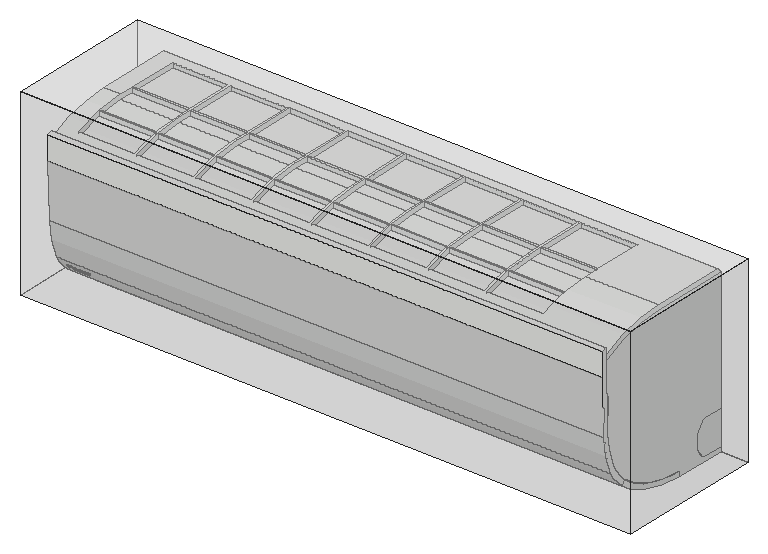
Revit family "outputfile", category 機械設備, Revit 2024
Family settings
  丸型コネクタ寸法 = 半径を使用
  パーツ タイプ = 標準
  OmniClass 番号 = 23.75.10.24.21.27.27
  OmniClass タイトル = Split System Air Conditioning Units
  作業面ベース = いいえ
  常に垂直 = はい
  ロード時にボイドで切り取り = いいえ
  注釈の向きを維持 = いいえ
  共有 = いいえ
  部屋計算ポイント = いいえ
Parameters (values of type "CTKM71VVMG")
  Description = ""
  書き出し IFC クラス(タイプ) = "IfcUnitaryEquipmentType"
  定義済み IFC タイプ(タイプ) = "AIRCONDITIONINGUNIT"
  Cost = 0
  Type Comments = ""
  Keynote = ""
  Type Image = (empty or 0)
  Assembly Code = ""
  w_wall hole = if(Width = 770.0 mm, 48.0 mm, 60.0 mm)  # 60.0 mm
  製造元 = "Daikin"
  モデル = "CTKM71VVMG"
  switch_frequency = yes
  r_Liquid Pipe Size = Liquid Pipe Size / 2  # 3.2 mm
  r_Gas Pipe Size = Gas Pipe Size / 2  # 7.95 mm
  r_Drain Pipe Size = Drain Pipe Size / 2  # 8.0 mm
  lw_powersupply [instance] = if(Width = 770.0 mm, if(or(Rear Right Connection_refrigerant, Bottom Right Connection_refrigerant), 25.0 mm, if(or(Rear Left Connection_refrigerant, Bottom Left Connection_refrigerant), 745.0 mm, 400.0 mm)), if(Width = 990.0 mm, if(or(Rear Right Connection_refrigerant, Bottom Right Connection_refrigerant), 40.0 mm, if(or(Rear Left Connection_refrigerant, Bottom Left Connection_refrigerant), 920.0 mm, 400.0 mm)), if(or(Rear Right Connection_refrigerant, Bottom Right Connection_refrigerant), 40.0 mm, if(or(Rear Left Connection_refrigerant, Bottom Left Connection_refrigerant), 920.0 mm, 400.0 mm))))  # 400.0 mm
  lw_liquidpipe [instance] = if(Width = 770.0 mm, if(or(Rear Right Connection_refrigerant, Bottom Right Connection_refrigerant), 0.0 mm, if(or(Rear Left Connection_refrigerant, Bottom Left Connection_refrigerant), 664.0 mm, 385.0 mm)), if(Width = 990.0 mm, if(or(Rear Right Connection_refrigerant, Bottom Right Connection_refrigerant), 0.0 mm, if(or(Rear Left Connection_refrigerant, Bottom Left Connection_refrigerant), 664.0 mm + (990.0 mm - 770.0 mm), 475.0 mm)), if(or(Rear Right Connection_refrigerant, Bottom Right Connection_refrigerant), 0.0 mm, if(or(Rear Left Connection_refrigerant, Bottom Left Connection_refrigerant), 664.0 mm + (990.0 mm - 770.0 mm), 475.0 mm))))  # 475.0 mm
  lw_gaspipe [instance] = if(Width = 770.0 mm, if(or(Rear Right Connection_refrigerant, Bottom Right Connection_refrigerant), 0.0 mm, if(or(Rear Left Connection_refrigerant, Bottom Left Connection_refrigerant), 675.0 mm, if(Gas Pipe Size = 12.7 mm, 345.0 mm, 335.0 mm))), if(Width = 990.0 mm, if(or(Rear Right Connection_refrigerant, Bottom Right Connection_refrigerant), 10.0 mm, if(or(Rear Left Connection_refrigerant, Bottom Left Connection_refrigerant), 890.0 mm, if(Gas Pipe Size = 15.9 mm, 410.0 mm, 400.0 mm))), if(or(Rear Right Connection_refrigerant, Bottom Right Connection_refrigerant), 10.0 mm, if(or(Rear Left Connection_refrigerant, Bottom Left Connection_refrigerant), 890.0 mm, if(Gas Pipe Size = 15.9 mm, 410.0 mm, 400.0 mm)))))  # 410.0 mm
  lw_drainpipe [instance] = if(Width = 770.0 mm, if(or(Rear Right Connection_refrigerant, Bottom Right Connection_refrigerant), 0.0 mm, if(or(Rear Left Connection_refrigerant, Bottom Left Connection_refrigerant), 770.0 mm - 48.0 mm - 48.0 mm, 440.0 mm)), if(Width = 990.0 mm, if(or(Rear Right Connection_refrigerant, Bottom Right Connection_refrigerant), 0.0 mm, if(or(Rear Left Connection_refrigerant, Bottom Left Connection_refrigerant), 675.0 mm + (990.0 mm - 770.0 mm), 435.0 mm)), if(or(Rear Right Connection_refrigerant, Bottom Right Connection_refrigerant), 0.0 mm, if(or(Rear Left Connection_refrigerant, Bottom Left Connection_refrigerant), 675.0 mm + (990.0 mm - 770.0 mm), 435.0 mm))))  # 435.0 mm
  l_powersupply_length [instance] = if(Width = 770.0 mm, if(Right Connection_refrigerant, 400.0 mm, if(Left Connection_refrigerant, 770.0 mm - 400.0 mm, if(or(Rear Left Connection_refrigerant, Rear Right Connection_refrigerant), 15.0 mm, 50.0 mm))), if(Width = 990.0 mm, if(Right Connection_refrigerant, 400.0 mm, if(Left Connection_refrigerant, 990.0 mm - 400.0 mm, if(or(Rear Left Connection_refrigerant, Rear Right Connection_refrigerant), 15.0 mm, 50.0 mm))), if(Right Connection_refrigerant, 400.0 mm, if(Left Connection_refrigerant, 990.0 mm - 400.0 mm, if(or(Rear Left Connection_refrigerant, Rear Right Connection_refrigerant), 15.0 mm, 50.0 mm)))))  # 400.0 mm
  l_liquidpipe_length [instance] = if(Width = 770.0 mm, if(Right Connection_refrigerant, 433.0 mm, if(Left Connection_refrigerant, 337.0 mm, if(or(Rear Left Connection_refrigerant, Rear Right Connection_refrigerant), 30.0 mm, 40.0 mm))), if(Width = 990.0 mm, if(Right Connection_refrigerant, 535.0 mm, if(Left Connection_refrigerant, 455.0 mm, if(or(Rear Left Connection_refrigerant, Rear Right Connection_refrigerant), 30.0 mm, 40.0 mm))), if(Right Connection_refrigerant, 535.0 mm, if(Left Connection_refrigerant, 455.0 mm, if(or(Rear Left Connection_refrigerant, Rear Right Connection_refrigerant), 30.0 mm, 40.0 mm)))))  # 535.0 mm
  l_gaspipe_length [instance] = if(Width = 770.0 mm, if(Right Connection_refrigerant, if(Gas Pipe Size = 12.7 mm, 393.0 mm, 383.0 mm), if(Left Connection_refrigerant, if(Gas Pipe Size = 12.7 mm, 770.0 mm - 393.0 mm, 770.0 mm - 383.0 mm), if(or(Rear Left Connection_refrigerant, Rear Right Connection_refrigerant), 40.0 mm, 50.0 mm))), if(Width = 990.0 mm, if(Right Connection_refrigerant, if(Gas Pipe Size = 15.9 mm, 470.0 mm, 460.0 mm), if(Left Connection_refrigerant, if(Gas Pipe Size = 15.9 mm, 990.0 mm - 470.0 mm, 990.0 mm - 460.0 mm), if(or(Rear Left Connection_refrigerant, Rear Right Connection_refrigerant), 40.0 mm, 50.0 mm))), if(Right Connection_refrigerant, if(Gas Pipe Size = 15.9 mm, 470.0 mm, 460.0 mm), if(Left Connection_refrigerant, if(Gas Pipe Size = 15.9 mm, 990.0 mm - 470.0 mm, 990.0 mm - 460.0 mm), if(or(Rear Left Connection_refrigerant, Rear Right Connection_refrigerant), 40.0 mm, 50.0 mm)))))  # 470.0 mm
  l_drainpipe_length [instance] = if(Width = 770.0 mm, if(Right Connection_refrigerant, 488.0 mm, if(Left Connection_refrigerant, 282.0 mm, if(or(Rear Left Connection_refrigerant, Rear Right Connection_refrigerant), 15.0 mm, 20.0 mm))), if(Width = 990.0 mm, if(Right Connection_refrigerant, 495.0 mm, if(Left Connection_refrigerant, 495.0 mm, if(or(Rear Left Connection_refrigerant, Rear Right Connection_refrigerant), 15.0 mm, 20.0 mm))), if(Right Connection_refrigerant, 495.0 mm, if(Left Connection_refrigerant, 495.0 mm, if(or(Rear Left Connection_refrigerant, Rear Right Connection_refrigerant), 15.0 mm, 20.0 mm)))))  # 495.0 mm
  h*** = 0.0 mm  # constant formula
  connector_voltage = Voltage_50Hz  # 230 V
  connector_powerinput = [Power Input (Cooling)]  # 0.000 kW
  connector_phase = Phase_50Hz  # 1
  angle_vertical [instance] = if(or(Bottom Left Connection_refrigerant, Bottom Right Connection_refrigerant), 0.00°, 90.00°)  # 90.00°
  angle_horizontal [instance] = if(Right Connection_refrigerant, 90.00°, if(Left Connection_refrigerant, -90.00°, if(or(Rear Left Connection_refrigerant, Rear Right Connection_refrigerant), 180.00°, 0.00°)))  # 90.00°
  Width = 990.0 mm
  Voltage_comment_50Hz = "220 - 240"
  Voltage_50Hz = 230 V
  Version = "ver.1.0"
  Unit Type = "Wall Mounted"
  Unit Mass Weight = 13.00 kg
  Unit Designation [instance] = ""
  Uniclass2015Version = "Products v1.30"
  Uniclass2015Title = "Split coil room air conditioning units"
  Uniclass2015Code = "Pr_70_65_03_86"
  URL = ""
  Total Cooling Capacity [instance] = 0.000 kW
  Sound Pressure Level_M speed (dBA) = 45
  Sound Pressure Level_L speed (dBA) = 37
  Sound Pressure Level_H speed (dBA) = 49
  Sound Power Level_H speed (dB) = 0
  Series = "Multi Split_Fan Coil Unit"
  Sensible Cooling Capacity [instance] = 0.000 kW
  Refrigerant Type = "R32"
  Power Input (Cooling) = 0.000 kW
  Phase_50Hz = 1
  Option Accessory 3 [instance] = ""
  Option Accessory 2 [instance] = ""
  Option Accessory 1 [instance] = ""
  Nominal Cooling Capacity = 7.100 kW
  Minimum Circuit Amps_50Hz = 0.0 A
  Minimum Airflow = 822.00 m³/h
  Median Airflow = 1020.00 m³/h
  Maximum Fuse Amps_50Hz = 0.0 A
  Maximum Airflow = 1210.00 m³/h
  Material_Casing = DAIKIN_White_Casing_indoorunit
  Load Classification = HVAC
  Liquid Pipe Size = 6.4 mm
  Link_Nested Family [instance] = ""
  IfcVersion = ""
  IfcExportType = "AIRCONDITIONINGUNIT"
  IfcExportAs = "IfcUnitaryEquipmentType"
  Height = 295.0 mm
  Heat Exchanger Type = "Cross Fin Coil"
  Gas Pipe Size = 15.9 mm
  Frequency_50Hz = 50 Hz
  Fan Type = "Cross Flow Fan"
  Fan Drive = "Direct Drive"
  FCU Tag No. [instance] = ""
  Drain Pipe Size = 16.0 mm
  Design Supply Airflow [instance] = 0.00 m³/h
  Depth = 263.0 mm
  既定の高さ = 0.0 mm
  Cooling Entering Wet Bulb Temperature [instance] = 0.00 °C
  Cooling Entering Dry Bulb Temperature [instance] = 0.00 °C
  Cooling Ambient Wet Bulb Temperature [instance] = 0.00 °C
  Cooling Ambient Dry Bulb Temperature [instance] = 0.00 °C
  Clearance visibility [instance] = yes
  Clearance Top = 30.0 mm
  Clearance Right = 50.0 mm
  Clearance Rear = 0.0 mm
  Clearance Left = 50.0 mm
  Clearance Front = 0.0 mm
  Clearance Bottom = 0.0 mm
  Bottom Right Connection_refrigerant [instance] = no
  Bottom Left Connection_refrigerant [instance] = no
  Rear Right Connection_refrigerant [instance] = no
  Rear Left Connection_refrigerant [instance] = no
  Right Connection_refrigerant [instance] = yes
  Left Connection_refrigerant [instance] = no
Reference planes
  plane 1 "Back": y = 0
  plane 2: z = 0
  plane 3 "Center (Left/Right)": x = 0
  plane 4 "Center (Front/Back)": y = -131.5
  plane 5 "Front": y = -263
  plane 6 "Left": x = -495
  plane 7 "Right": x = 495
  plane 8 "Top": z = 0
  plane 9 "Bottom": z = -295
  plane 10: x = -545
  plane 11: x = 545
  plane 12: y = 0
  plane 13: y = -263
  plane 14: z = 30
  plane 15: z = -295
  plane 16 "lw_Piping and Wiring intake": x = 435
  plane 17 "lw_gaspipe": x = 25
  plane 18 "lw_liquidpipe": x = -40
  plane 19 "lw_drainpipe": x = 0
  plane 20 "lh_drainpipe": z = -275
  plane 21 "lh_liquidpipe": z = -255
  plane 22 "lh_gaspipe": z = -245
  plane 23 "ld_drainpipe": y = -15
  plane 24 "ld_liquidpipe": y = -30
  plane 25 "ld_gaspipe": y = -40
  plane 26 "lw_powersupply": x = 95
Dimensions and locks
  equal spacing: plane 6 "Left", plane 3 "Center (Left/Right)", plane 7 "Right"
  "Width": plane 6 "Left" to plane 7 "Right"
  equal spacing: plane 5 "Front", plane 4 "Center (Front/Back)", plane 1 "Back"
  "Depth": plane 5 "Front" to plane 1 "Back"
  "Height": plane 8 "Top" to plane 9 "Bottom"
  "Clearance Rear": plane 12 to plane 1 "Back"
  "Clearance Front": plane 13 to plane 5 "Front"
  "Clearance Top": plane 14 to plane 8 "Top"
  "Clearance Bottom": plane 9 "Bottom" to plane 15
  "w_wall hole": plane 16 "lw_Piping and Wiring intake" to plane 7 "Right"
  "lw_gaspipe": plane 17 "lw_gaspipe" to plane 16 "lw_Piping and Wiring intake"
  "lw_liquidpipe": plane 18 "lw_liquidpipe" to plane 16 "lw_Piping and Wiring intake"
  "lw_drainpipe": plane 19 "lw_drainpipe" to plane 16 "lw_Piping and Wiring intake"
  locked: plane 20 "lh_drainpipe" to plane 9 "Bottom" at 20
  locked: plane 21 "lh_liquidpipe" to plane 9 "Bottom" at 40
  locked: plane 22 "lh_gaspipe" to plane 9 "Bottom" at 50
  locked: plane 23 "ld_drainpipe" to plane 1 "Back" at 15
  locked: plane 1 "Back" to plane 24 "ld_liquidpipe" at 30
  locked: plane 1 "Back" to plane 25 "ld_gaspipe" at 40
  "lw_powersupply": plane 26 "lw_powersupply" to plane 7 "Right"
  "Clearance Left": plane 10 to plane 6 "Left"
  "Clearance Right": plane 7 "Right" to plane 11
  aligned and locked: level to plane 2
  aligned and locked: plane 12 to nested 1
  aligned and locked: nested 1 to plane 13
  aligned and locked: plane 10 to nested 1
  aligned and locked: plane 11 to nested 1
  aligned and locked: plane 15 to nested 1
  aligned and locked: plane 14 to nested 1
  aligned and locked: plane 17 "lw_gaspipe" to nested 2
  aligned and locked: nested 2 to plane 25 "ld_gaspipe"
  aligned and locked: plane 18 "lw_liquidpipe" to nested 3
  aligned and locked: nested 3 to plane 24 "ld_liquidpipe"
  aligned and locked: plane 19 "lw_drainpipe" to nested 4
  aligned and locked: nested 4 to plane 23 "ld_drainpipe"
  aligned and locked: nested 5 to plane 23 "ld_drainpipe"
  aligned and locked: plane 26 "lw_powersupply" to nested 5
  aligned and locked: level to plane 8 "Top"
  aligned and locked: plane 3 "Center (Left/Right)" to nested 6
  aligned and locked: plane 1 "Back" to nested 6
  aligned and locked: plane 8 "Top" to nested 6
Nested families
  nested 1: "daikin_clearancespace" at (0, -131.5, -132.381), show <- "Clearance visibility", visible <- "Clearance visibility", Link_Nested Family <- "Link_Nested Family", type "daikin_clearancespace"
    with width 1090.0 mm, show yes, height 325.0 mm, depth 263.0 mm, Link_Nested Family ""
  nested 2: "daikin_connector_rotate3" at (25, -40, -245), angle_vertical <- "angle_vertical", angle_horizontal <- "angle_horizontal", length <- "l_gaspipe_length", radius <- "r_Gas Pipe Size", type "daikin_connector_rotate3"
    with show no, radius 7.95 mm, length 470.0 mm, angle_vertical 90.00°, angle_horizontal 90.00°
  nested 3: "daikin_connector_rotate3" at (-40, -30, -255), angle_vertical <- "angle_vertical", angle_horizontal <- "angle_horizontal", radius <- "r_Liquid Pipe Size", length <- "l_liquidpipe_length", type "daikin_connector_rotate3"
    with show no, radius 3.2 mm, length 535.0 mm, angle_vertical 90.00°, angle_horizontal 90.00°
  nested 4: "daikin_connector_rotate3" at (0, -15, -275), angle_vertical <- "angle_vertical", angle_horizontal <- "angle_horizontal", length <- "l_drainpipe_length", radius <- "r_Drain Pipe Size", type "daikin_connector_rotate3"
    with show no, radius 8.0 mm, length 495.0 mm, angle_vertical 90.00°, angle_horizontal 90.00°
  nested 5: "daikin_connector_rotate3" at (95, -15, -245), angle_vertical <- "angle_vertical", angle_horizontal <- "angle_horizontal", length <- "l_powersupply_length", type "daikin_connector_rotate3"
    with show no, radius 10.0 mm, length 400.0 mm, angle_vertical 90.00°, angle_horizontal 90.00°
  nested 6: "DAIKIN_indoorunit_CTKM-VVMG" at (-31, 0, 0), type "CTKM-VVMG"
    with switch_unit1_60-71 yes, switch_unit1_25-50 no, Width 990.0 mm, WALL HOLE-R 60.0 mm, WALL HOLE Size 80.0 mm, Height 295.0 mm
Connectors
  piping at (495, -40, -245), diameter 15.9, driven by "r_Gas Pipe Size"
    settings: on nested 2, index 1, connector inside diameter 609.6 mm, connector length 0.0 mm, flow factor 0, pipe flow 0.00 m³/h, pressure drop 0.0 Pa, fitting loss kfactor 0, connector angle 0.00°, fixture units 0, engagement length 0.0 mm, angle of deflection 0.00°, flow configuration 1, flow direction 2, fitting loss method 0, system type 29, joint type 0, gender type 0, connector reference index -1, connector utility 0, adjustable connector no, is connector primary yes, connector description "Refrigerant Gas Piping"
  piping at (495, -30, -255), diameter 6.4, driven by "r_Liquid Pipe Size"
    settings: on nested 3, index 2, connector inside diameter 609.6 mm, connector length 0.0 mm, flow factor 0, pipe flow 0.00 m³/h, pressure drop 0.0 Pa, fitting loss kfactor 0, connector angle 0.00°, fixture units 0, engagement length 0.0 mm, angle of deflection 0.00°, flow configuration 1, flow direction 1, fitting loss method 0, system type 29, joint type 0, gender type 0, connector reference index -1, connector utility 0, adjustable connector no, is connector primary no, connector description "Refrigerant Liquid Piping"
  piping at (495, -15, -275), diameter 16, driven by "r_Drain Pipe Size"
    settings: on nested 4, index 3, connector inside diameter 609.6 mm, connector length 0.0 mm, flow factor 0, pipe flow 0.00 m³/h, pressure drop 0.0 Pa, fitting loss kfactor 0, connector angle 0.00°, fixture units 0, engagement length 0.0 mm, angle of deflection 0.00°, flow configuration 1, flow direction 2, fitting loss method 4, system type 16, joint type 0, gender type 0, connector reference index -1, connector utility 0, adjustable connector no, is connector primary no, connector description "Condensate Drain Piping"
  electrical at (495, -15, -245), driven by "Load Classification", driven by "connector_powerinput", driven by "connector_phase", driven by "connector_voltage"
    settings: on nested 5, index 4, voltage 230 V, apparent load 0 VA, apparent load phase1 0 VA, apparent load phase2 0 VA, apparent load phase3 0 VA, power factor 1, load classification "HVAC", number of poles 1, system type 30, power factor state 1, is connector primary yes, connector utility no, sub classification motor no, connector description "Power Supply"
Definition of nested family "daikin_clearancespace"
  Parameters (values of type "daikin_clearancespace")
    Description = "daikin_clearancespace"
    width [instance] = 1823.963 mm
    show [instance] = yes
    material = none
    height [instance] = 1359.762 mm
    depth [instance] = 880.0 mm
    Default Elevation = 0.0 mm
    Link_Nested Family [instance] = ""
  Reference planes
    plane 1 "Center (Front/Back)": y = 0
    plane 2 "Center (Elevation)": z = -0.119
    plane 3 "Center (Left/Right)": x = 0
    plane 4: y = 440
    plane 5: y = -440
    plane 6 "Right": x = 911.982
    plane 7 "Left": x = -911.982
    plane 8 "Top": z = 679.762
    plane 9 "Bottom": z = -680
  Forms (mm)
    Extrusion 1, solid, material <- "material", visible <- "show"
      sketch origin (0, 0, 0) x (1, 0, 0) y (0, 1, 0)
        loop
          line (-911.982, 440) -> (-911.982, -440) -> (911.982, -440) -> (911.982, 440) -> (-911.982, 440)
      from -680 to 679.762
  Lines and regions (mm)
    symbolic lines, visible <- "show"
      curve 1: line (911.982, 440, 0) -> (-911.982, 440, 0)
      curve 2: line (-911.982, 440, 0) -> (-911.982, -440, 0)
      curve 3: line (-911.982, -440, 0) -> (911.982, -440, 0)
      curve 4: line (911.982, -440, 0) -> (911.982, 440, 0)
      curve 5: line (911.982, 0, 679.762) -> (-911.982, 0, 679.762)
      curve 6: line (911.982, 0, -680) -> (911.982, 0, 679.762)
      curve 7: line (-911.982, 0, -680) -> (911.982, 0, -680)
      curve 8: line (-911.982, 0, 679.762) -> (-911.982, 0, -680)
      curve 9: line (0, 440, 679.762) -> (0, -440, 679.762)
      curve 10: line (0, -440, 679.762) -> (0, -440, -680)
      curve 11: line (0, 440, -680) -> (0, 440, 679.762)
      curve 12: line (0, -440, -680) -> (0, 440, -680)
  Dimensions and locks
    "width": plane 7 "Left" to plane 6 "Right"
    "depth": plane 4 to plane 5
    "height": plane 8 "Top" to plane 9 "Bottom"
    equal spacing: plane 7 "Left", plane 3 "Center (Left/Right)", plane 6 "Right"
    equal spacing: plane 4, plane 1 "Center (Front/Back)", plane 5
    equal spacing: plane 8 "Top", plane 2 "Center (Elevation)", plane 9 "Bottom"
    aligned and locked: level to plane 2 "Center (Elevation)"
    aligned and locked: Extrusion 1 sketch curve to plane 4
    aligned and locked: plane 7 "Left" to Extrusion 1 sketch curve
    aligned and locked: Extrusion 1 sketch curve to plane 5
    aligned and locked: Extrusion 1 sketch curve to plane 6 "Right"
    aligned and locked: plane 8 "Top" to Extrusion 1
    aligned and locked: curve 1 to Extrusion 1
    aligned and locked: curve 2 to Extrusion 1
    aligned and locked: curve 3 to Extrusion 1
    aligned and locked: curve 4 to Extrusion 1
    aligned and locked: curve 5 to Extrusion 1
    aligned and locked: curve 6 to Extrusion 1
    aligned and locked: curve 7 to Extrusion 1
    aligned and locked: curve 8 to Extrusion 1
    aligned and locked: curve 9 to Extrusion 1
    aligned and locked: curve 10 to Extrusion 1
    aligned and locked: curve 11 to Extrusion 1
    aligned and locked: curve 12 to Extrusion 1
    aligned and locked: Extrusion 1 to plane 9 "Bottom"
Definition of nested family "DAIKIN_indoorunit_CTKM-VVMG"
  Parameters (values of type "CTKM-VVMG")
    switch_unit1_60-71 = Width = 990.0 mm  # no
    switch_unit1_25-50 = Width = 770.0 mm  # yes
    Width = 770.0 mm
    WALL HOLE-R = if(Width = 770.0 mm, 48.0 mm, 60.0 mm)  # 48.0 mm
    WALL HOLE Size = if(Width = 770.0 mm, 65.0 mm, 80.0 mm)  # 65.0 mm
    Material_Casing = none
    Height = if(Width = 770.0 mm, 285.0 mm, 295.0 mm)  # 285.0 mm
    Default Elevation = 0.0 mm
  Reference planes
    plane 1 "Center (Front/Back)": y = 0
    plane 2 "reference_level": z = 0
    plane 3 "Center (Left/Right)": x = 31
    plane 4: x = -354
    plane 5: x = 416
    plane 6: z = -285
  Forms (mm)
    Extrusion 1, solid, material <- "Material_Casing", visible <- "switch_unit1_25-50"
      sketch origin (29, 0, 0) x (0, 1, 0) y (0, 0, 1)
        loop
          line (-5, 0) -> (-98, 0)
          arc (-98, 0) -> (-157.611, -7.211) -> (-213.783, -28.427) r 250
          arc (-213.783, -28.427) -> (-213.842, -32.972) -> (-213.892, -37.516) r 2191
          arc (-213.892, -37.516) -> (-157.832, -15.495) -> (-98.07, -8) r 242
          line (-98.07, -8) -> (0, -8) -> (-5, 0)
      from -383 to 387
    Extrusion 2, solid, material <- "Material_Casing", visible <- "switch_unit1_25-50"
      sketch origin (416, 1296.25, 1200) x (0, 1, 0) y (0, 0, 1)
        loop
          line (-1472.998, -1446.91) -> (-1476.998, -1453.839)
          arc (-1476.998, -1453.839) -> (-1437.481, -1472.422) -> (-1395.25, -1483.538) r 240
          line (-1395.25, -1483.538) -> (-1395.25, -1475.422)
          arc (-1395.25, -1475.422) -> (-1435.407, -1464.663) -> (-1472.998, -1446.91) r 232
      from 0 to -47.5
    Extrusion 3, solid, material <- "Material_Casing", visible <- "switch_unit1_25-50"
      sketch origin (29, 0, 0) x (0, 1, 0) y (0, 0, 1)
        loop
          arc (-223, -60.455) -> (-222.414, -110.646) -> (-220.656, -160.81) r 2149.92
          arc (-220.656, -160.81) -> (-219.65, -174.299) -> (-217.853, -187.706) r 229.911
          arc (-217.853, -187.706) -> (-205.371, -223.594) -> (-181.517, -253.17) r 111
          line (-181.517, -253.17) -> (-177.429, -246.093)
          arc (-177.429, -246.093) -> (-198.77, -218.989) -> (-209.965, -186.36) r 103
          arc (-209.965, -186.36) -> (-211.681, -173.586) -> (-212.651, -160.735) r 221.844
          arc (-212.651, -160.735) -> (-214.739, -93.233) -> (-214.74, -25.699) r 2186.828
          arc (-214.74, -25.699) -> (-214.671, -21.467) -> (-214.594, -17.235) r 2192
          line (-214.594, -17.235) -> (-223, -19.961) -> (-223, -60.455)
      from -383 to 387
    Extrusion 4, solid, material <- "Material_Casing", visible <- "switch_unit1_25-50"
      sketch origin (29, 0, -20) x (0, 1, 0) y (0, 0, 1)
        loop
          line (0, -265) -> (0, 12) -> (-98.07, 12)
          arc (-98.07, 12) -> (-157.832, 4.505) -> (-213.892, -17.516) r 242
          arc (-213.892, -17.516) -> (-213.638, -79.114) -> (-211.653, -140.681) r 2191
          arc (-211.653, -140.681) -> (-210.685, -153.501) -> (-208.973, -166.243) r 221
          arc (-208.973, -166.243) -> (-197.471, -199.282) -> (-175.482, -226.491) r 102
          arc (-175.482, -226.491) -> (-138.004, -244.019) -> (-98, -254.579) r 231
          line (-98, -254.579) -> (-98, -265) -> (0, -265)
      from -383 to 387
    Extrusion 5, solid, material <- "Material_Casing", visible <- "switch_unit1_25-50"
      sketch origin (-354, 1296.25, 1200) x (0, 1, 0) y (0, 0, 1)
        loop
          line (-1472.998, -1446.91) -> (-1476.998, -1453.839)
          arc (-1476.998, -1453.839) -> (-1437.481, -1472.422) -> (-1395.25, -1483.538) r 240
          line (-1395.25, -1483.538) -> (-1395.25, -1475.422)
          arc (-1395.25, -1475.422) -> (-1435.407, -1464.663) -> (-1472.998, -1446.91) r 232
      from 47 to 0
    Extrusion 6, solid, material <- "Material_Casing", visible <- "switch_unit1_25-50"
      sketch origin (416, 1296.25, 1200) x (0, 1, 0) y (0, 0, 1)
        loop
          line (-1472.998, -1446.91) -> (-1476.998, -1453.839)
          arc (-1476.998, -1453.839) -> (-1443.437, -1470.168) -> (-1407.75, -1481.097) r 240
          line (-1407.75, -1481.097) -> (-1407.75, -1472.894)
          arc (-1407.75, -1472.894) -> (-1441.363, -1462.385) -> (-1472.998, -1446.91) r 232
      from -116.993 to -48.493
    Extrusion 7, solid, material <- "Material_Casing", visible <- "switch_unit1_25-50"
      sketch origin (416, 1296.25, 1200) x (0, 1, 0) y (0, 0, 1)
        loop
          line (-1472.998, -1446.91) -> (-1476.998, -1453.839)
          arc (-1476.998, -1453.839) -> (-1443.437, -1470.168) -> (-1407.75, -1481.097) r 240
          line (-1407.75, -1481.097) -> (-1407.75, -1472.894)
          arc (-1407.75, -1472.894) -> (-1441.363, -1462.385) -> (-1472.998, -1446.91) r 232
      from -717 to -121.993
    Extrusion 8, void
      sketch origin (31, 0, -235) x (1, 0, 0) y (0, 1, 0)
        loop
          line (-252.674, -22.316) -> (-354.941, -22.316) -> (-354.941, -91.341) -> (-252.674, -91.341) -> (-252.674, -22.316)
        loop
          line (-249.341, -91.341) -> (-151.574, -91.341) -> (-151.574, -22.316) -> (-249.341, -22.316) -> (-249.341, -91.341)
        loop
          line (58.309, -22.316) -> (-148.309, -22.316) -> (-148.309, -91.341) -> (58.309, -91.341) -> (58.309, -22.316)
        loop
          line (61.689, -22.316) -> (61.689, -91.341) -> (159.457, -91.341) -> (159.457, -22.316) -> (61.689, -22.316)
        loop
          line (162.789, -22.316) -> (162.789, -91.341) -> (265.057, -91.341) -> (265.057, -22.316) -> (162.789, -22.316)
        loop
          line (-354.941, -94.659) -> (-354.941, -165.259) -> (-252.674, -165.259) -> (-252.674, -94.659) -> (-354.941, -94.659)
        loop
          line (-249.341, -94.659) -> (-249.341, -165.259) -> (-151.574, -165.259) -> (-151.574, -94.659) -> (-249.341, -94.659)
        loop
          line (-148.309, -94.659) -> (-148.309, -165.259) -> (58.309, -165.259) -> (58.309, -94.659) -> (-148.309, -94.659)
        loop
          line (61.689, -94.659) -> (61.689, -165.259) -> (159.457, -165.259) -> (159.457, -94.659) -> (61.689, -94.659)
        loop
          line (162.789, -94.659) -> (162.789, -165.259) -> (265.057, -165.259) -> (265.057, -94.659) -> (162.789, -94.659)
        loop
          line (-354.941, -167.382) -> (-354.941, -192.681) -> (-252.674, -192.681) -> (-252.674, -167.382) -> (-354.941, -167.382)
        loop
          line (-249.341, -167.382) -> (-249.341, -192.681) -> (-151.574, -192.681) -> (-151.574, -167.382) -> (-249.341, -167.382)
        loop
          line (-148.309, -167.382) -> (-148.309, -192.681) -> (58.309, -192.681) -> (58.309, -167.382) -> (-148.309, -167.382)
        loop
          line (159.457, -167.382) -> (61.689, -167.382) -> (61.689, -192.681) -> (159.457, -192.681) -> (159.457, -167.382)
        loop
          line (265.057, -167.382) -> (162.789, -167.382) -> (162.789, -192.681) -> (265.057, -192.681) -> (265.057, -167.382)
      from 201.638 to 250
    Extrusion 9, solid, material <- "Material_Casing"
      sketch origin (31, 0, 0) x (1, 0, 0) y (0, 0, 1)
        loop
          circle (337, -240.5) r 32.5
        loop
          circle (-337, -240.5) r 32.5
      from 0 to 5
    Extrusion 10, solid, material <- "Material_Casing", visible <- "switch_unit1_25-50"
      sketch origin (416, 1296.25, 1200) x (0, -1, 0) y (0, 0, 1)
        loop
          line (1326.25, -1417) -> (1296.25, -1417) -> (1296.25, -1477) -> (1326.25, -1477)
          arc (1326.25, -1477) -> (1340.393, -1471.142) -> (1346.25, -1457) r 20
          line (1346.25, -1457) -> (1346.25, -1437)
          arc (1346.25, -1437) -> (1340.393, -1422.858) -> (1326.25, -1417) r 20
      from 0 to 5
    Extrusion 11, solid, material <- "Material_Casing", visible <- "switch_unit1_25-50"
      sketch origin (-354, 1296.25, 1200) x (0, 1, 0) y (0, 0, 1)
        loop
          line (-1296.25, -1417) -> (-1326.25, -1417)
          arc (-1326.25, -1417) -> (-1340.393, -1422.858) -> (-1346.25, -1437) r 20
          line (-1346.25, -1437) -> (-1346.25, -1457)
          arc (-1346.25, -1457) -> (-1340.393, -1471.142) -> (-1326.25, -1477) r 20
          line (-1326.25, -1477) -> (-1296.25, -1477) -> (-1296.25, -1417)
      from 0 to 5
    Extrusion 12, solid, material <- "Material_Casing", visible <- "switch_unit1_25-50"
      sketch origin (31, 0, -285) x (-1, 0, 0) y (0, -1, 0)
        loop
          line (-314, 0) -> (-314, 30)
          arc (-314, 30) -> (-319.858, 44.142) -> (-334, 50) r 20
          line (-334, 50) -> (-354, 50)
          arc (-354, 50) -> (-368.142, 44.142) -> (-374, 30) r 20
          line (-374, 30) -> (-374, 0) -> (-314, 0)
        loop
          line (374, 0) -> (374, 30)
          arc (374, 30) -> (368.142, 44.142) -> (354, 50) r 20
          line (354, 50) -> (334, 50)
          arc (334, 50) -> (319.858, 44.142) -> (314, 30) r 20
          line (314, 30) -> (314, 0) -> (374, 0)
      from 0 to 5
    Extrusion 13, solid, material <- "Material_Casing", visible <- "switch_unit1_60-71"
      sketch origin (31, 0, 0) x (0, 1, 0) y (0, 0, 1)
        loop
          line (-5, 0) -> (-138, 0)
          arc (-138, 0) -> (-197.611, -7.211) -> (-253.783, -28.427) r 250
          arc (-253.783, -28.427) -> (-253.838, -32.687) -> (-253.886, -36.946) r 2191
          arc (-253.886, -36.946) -> (-197.73, -15.346) -> (-138.014, -8) r 246.393
          line (-138.014, -8) -> (0, -8) -> (-5, 0)
      from -495 to 495
    Extrusion 14, solid, material <- "Material_Casing", visible <- "switch_unit1_60-71"
      sketch origin (418, 1296.25, 1200) x (0, 1, 0) y (0, 0, 1)
        loop
          arc (-1515.208, -1454.149) -> (-1506.856, -1460.599) -> (-1497.925, -1466.219) r 110
          arc (-1497.925, -1466.219) -> (-1445.718, -1487.493) -> (-1389.844, -1494.995) r 223
          line (-1389.844, -1494.995) -> (-1389.844, -1486.086) -> (-1404.386, -1486.086)
          arc (-1404.386, -1486.086) -> (-1449.542, -1477.46) -> (-1491.818, -1459.402) r 214.289
          arc (-1491.818, -1459.402) -> (-1501.056, -1453.541) -> (-1509.606, -1446.715) r 101
          line (-1509.606, -1446.715) -> (-1515.208, -1454.149)
      from 108 to 57.5
    Extrusion 15, solid, material <- "Material_Casing", visible <- "switch_unit1_60-71"
      sketch origin (31, 0, 0) x (0, 1, 0) y (0, 0, 1)
        loop
          line (-263, -19.962) -> (-263, -61.6)
          arc (-263, -61.6) -> (-262.414, -110.219) -> (-260.656, -158.81) r 2017.341
          arc (-260.656, -158.81) -> (-255.648, -191.935) -> (-244.041, -223.362) r 164.725
          arc (-244.041, -223.362) -> (-233.569, -239.793) -> (-219.717, -253.495) r 87.379
          line (-219.717, -253.495) -> (-214.706, -246.846)
          arc (-214.706, -246.846) -> (-229.564, -230.029) -> (-240.385, -210.371) r 102
          arc (-240.385, -210.371) -> (-249.049, -182.962) -> (-252.848, -154.467) r 165.789
          arc (-252.848, -154.467) -> (-254.771, -90.102) -> (-254.74, -25.708) r 2122.533
          arc (-254.74, -25.708) -> (-254.671, -21.469) -> (-254.594, -17.23) r 2192
          line (-254.594, -17.23) -> (-263, -19.962)
      from -495 to 495
    Extrusion 16, void
      sketch origin (33, 0, 0) x (1, 0, 0) y (0, 1, 0)
        loop
          line (-466.909, -22.316) -> (-466.909, -111.341) -> (-366.303, -111.341) -> (-366.303, -22.316) -> (-466.909, -22.316)
        loop
          line (-362.71, -22.316) -> (-362.71, -111.341) -> (-262.103, -111.341) -> (-262.103, -22.316) -> (-362.71, -22.316)
        loop
          line (-258.51, -22.316) -> (-258.51, -111.341) -> (-157.904, -111.341) -> (-157.904, -22.316) -> (-258.51, -22.316)
        loop
          line (-154.31, -22.316) -> (-154.31, -111.341) -> (-53.704, -111.341) -> (-53.704, -22.316) -> (-154.31, -22.316)
        loop
          line (-50.11, -22.316) -> (-50.11, -111.341) -> (50.496, -111.341) -> (50.496, -22.316) -> (-50.11, -22.316)
        loop
          line (54.089, -22.316) -> (54.089, -111.341) -> (154.696, -111.341) -> (154.696, -22.316) -> (54.089, -22.316)
        loop
          line (158.289, -22.316) -> (158.289, -111.341) -> (258.895, -111.341) -> (258.895, -22.316) -> (158.289, -22.316)
        loop
          line (262.489, -22.316) -> (262.489, -111.341) -> (363.095, -111.341) -> (363.095, -22.316) -> (262.489, -22.316)
        loop
          line (-466.909, -114.459) -> (-466.909, -185.059) -> (-366.303, -185.059) -> (-366.303, -114.459) -> (-466.909, -114.459)
        loop
          line (-362.71, -114.459) -> (-362.71, -185.059) -> (-262.103, -185.059) -> (-262.103, -114.459) -> (-362.71, -114.459)
        loop
          line (-258.51, -114.459) -> (-258.51, -185.059) -> (-157.904, -185.059) -> (-157.904, -114.459) -> (-258.51, -114.459)
        loop
          line (-154.31, -114.459) -> (-154.31, -185.059) -> (-53.704, -185.059) -> (-53.704, -114.459) -> (-154.31, -114.459)
        loop
          line (-50.11, -114.459) -> (-50.11, -185.059) -> (50.496, -185.059) -> (50.496, -114.459) -> (-50.11, -114.459)
        loop
          line (54.089, -114.459) -> (54.089, -185.059) -> (154.696, -185.059) -> (154.696, -114.459) -> (54.089, -114.459)
        loop
          line (158.289, -114.459) -> (158.289, -185.059) -> (258.895, -185.059) -> (258.895, -114.459) -> (158.289, -114.459)
        loop
          line (262.489, -114.459) -> (262.489, -185.059) -> (363.095, -185.059) -> (363.095, -114.459) -> (262.489, -114.459)
        loop
          line (-466.909, -187.382) -> (-466.909, -232.681) -> (-366.303, -232.681) -> (-366.303, -187.382) -> (-466.909, -187.382)
        loop
          line (-362.71, -187.382) -> (-362.71, -232.681) -> (-262.103, -232.681) -> (-262.103, -187.382) -> (-362.71, -187.382)
        loop
          line (-258.51, -187.382) -> (-258.51, -232.681) -> (-157.904, -232.681) -> (-157.904, -187.382) -> (-258.51, -187.382)
        loop
          line (-154.31, -187.382) -> (-154.31, -232.681) -> (-53.704, -232.681) -> (-53.704, -187.382) -> (-154.31, -187.382)
        loop
          line (-50.11, -187.382) -> (-50.11, -232.681) -> (50.496, -232.681) -> (50.496, -187.382) -> (-50.11, -187.382)
        loop
          line (54.089, -187.382) -> (54.089, -232.681) -> (154.696, -232.681) -> (154.696, -187.382) -> (54.089, -187.382)
        loop
          line (158.289, -187.382) -> (158.289, -232.681) -> (258.895, -232.681) -> (258.895, -187.382) -> (158.289, -187.382)
        loop
          line (262.489, -187.382) -> (262.489, -232.681) -> (363.095, -232.681) -> (363.095, -187.382) -> (262.489, -187.382)
      from -40.013 to 47.268
    Extrusion 17, solid, material <- "Material_Casing", visible <- "switch_unit1_60-71"
      sketch origin (-356, 1296.25, 1200) x (0, 1, 0) y (0, 0, -1)
        loop
          line (-1515.208, 1454.149) -> (-1509.606, 1446.715)
          arc (-1509.606, 1446.715) -> (-1501.056, 1453.541) -> (-1491.818, 1459.402) r 101
          arc (-1491.818, 1459.402) -> (-1449.542, 1477.46) -> (-1404.386, 1486.086) r 214.289
          line (-1404.386, 1486.086) -> (-1389.844, 1486.086) -> (-1389.844, 1494.995)
          arc (-1389.844, 1494.995) -> (-1445.718, 1487.493) -> (-1497.925, 1466.219) r 223
          arc (-1497.925, 1466.219) -> (-1506.856, 1460.599) -> (-1515.208, 1454.149) r 110
      from 108 to 61
    Extrusion 18, solid, material <- "Material_Casing", visible <- "switch_unit1_60-71"
      sketch origin (418, 1296.25, 1200) x (0, 1, 0) y (0, 0, 1)
        loop
          arc (-1515.208, -1454.149) -> (-1506.856, -1460.599) -> (-1497.925, -1466.219) r 110
          arc (-1497.925, -1466.219) -> (-1463.185, -1482.066) -> (-1426.25, -1491.755) r 223
          line (-1426.25, -1491.755) -> (-1426.25, -1483.166)
          arc (-1426.25, -1483.166) -> (-1460.008, -1473.969) -> (-1491.818, -1459.402) r 214.289
          arc (-1491.818, -1459.402) -> (-1501.056, -1453.541) -> (-1509.606, -1446.715) r 101
          line (-1509.606, -1446.715) -> (-1515.208, -1454.149)
      from 56.5 to -36.993
    Extrusion 19, solid, material <- "Material_Casing", visible <- "switch_unit1_60-71"
      sketch origin (418, 1296.25, 1200) x (0, 1, 0) y (0, 0, 1)
        loop
          arc (-1426.25, -1483.166) -> (-1443.442, -1479.224) -> (-1460.25, -1473.881) r 214.289
          line (-1460.25, -1473.881) -> (-1460.25, -1483.089)
          arc (-1460.25, -1483.089) -> (-1443.421, -1488.091) -> (-1426.25, -1491.755) r 223
          line (-1426.25, -1491.755) -> (-1426.25, -1483.166)
      from -43.493 to -828.893
    Extrusion 20, solid, material <- "Material_Casing", visible <- "switch_unit1_60-71"
      sketch origin (418, 1296.25, 1200) x (0, 1, 0) y (0, 0, 1)
        loop
          arc (-1515.208, -1454.149) -> (-1506.856, -1460.599) -> (-1497.925, -1466.219) r 110
          arc (-1497.925, -1466.219) -> (-1479.479, -1475.527) -> (-1460.25, -1483.089) r 223
          line (-1460.25, -1483.089) -> (-1460.25, -1473.881)
          arc (-1460.25, -1473.881) -> (-1476.328, -1467.282) -> (-1491.818, -1459.402) r 214.289
          arc (-1491.818, -1459.402) -> (-1501.056, -1453.541) -> (-1509.606, -1446.715) r 101
          line (-1509.606, -1446.715) -> (-1515.208, -1454.149)
      from -43.493 to -828.893
    Extrusion 21, solid, material <- "Material_Casing", visible <- "switch_unit1_60-71"
      sketch origin (31, 0, -30) x (0, 1, 0) y (0, 0, 1)
        loop
          line (0, 22) -> (-138.014, 22)
          arc (-138.014, 22) -> (-197.73, 14.654) -> (-253.886, -6.946) r 246.393
          arc (-253.886, -6.946) -> (-253.682, -65.635) -> (-251.855, -124.295) r 2120.935
          arc (-251.855, -124.295) -> (-248.086, -152.682) -> (-239.461, -179.988) r 164.789
          arc (-239.461, -179.988) -> (-228.903, -199.231) -> (-214.437, -215.738) r 101
          line (-214.437, -215.738) -> (-212.406, -216.221)
          arc (-212.406, -216.221) -> (-204.07, -222.837) -> (-195.079, -228.53) r 100
          arc (-195.079, -228.53) -> (-145.557, -248.629) -> (-92.593, -255.785) r 213.289
          line (-92.593, -255.785) -> (-92.593, -265) -> (0, -265) -> (0, 22)
      from -495 to 495
    Extrusion 22, solid, material <- "Material_Casing", visible <- "switch_unit1_60-71"
      sketch origin (526, 1296.25, 1200) x (0, -1, 0) y (0, 0, 1)
        loop
          line (1326.25, -1427.035) -> (1296.25, -1427.035) -> (1296.25, -1487.035) -> (1326.25, -1487.035)
          arc (1326.25, -1487.035) -> (1340.393, -1481.177) -> (1346.25, -1467.035) r 20
          line (1346.25, -1467.035) -> (1346.25, -1447.035)
          arc (1346.25, -1447.035) -> (1340.393, -1432.892) -> (1326.25, -1427.035) r 20
      from 0 to 5
    Extrusion 23, solid, material <- "Material_Casing", visible <- "switch_unit1_60-71"
      sketch origin (-459, 1296.25, 1200) x (0, -1, 0) y (0, 0, 1)
        loop
          line (1326.25, -1427.035) -> (1296.25, -1427.035) -> (1296.25, -1487.035) -> (1326.25, -1487.035)
          arc (1326.25, -1487.035) -> (1340.393, -1481.177) -> (1346.25, -1467.035) r 20
          line (1346.25, -1467.035) -> (1346.25, -1447.035)
          arc (1346.25, -1447.035) -> (1340.393, -1432.892) -> (1326.25, -1427.035) r 20
      from 0 to 5
    Extrusion 24, solid, material <- "Material_Casing", visible <- "switch_unit1_60-71"
      sketch origin (31, 200, -295) x (-1, 0, 0) y (0, -1, 0)
        loop
          line (469, 200) -> (469, 230)
          arc (469, 230) -> (463.142, 244.142) -> (449, 250) r 20
          line (449, 250) -> (429, 250)
          arc (429, 250) -> (414.858, 244.142) -> (409, 230) r 20
          line (409, 230) -> (409, 200) -> (469, 200)
        loop
          line (-469, 200) -> (-409, 200) -> (-409, 230)
          arc (-409, 230) -> (-414.858, 244.142) -> (-429, 250) r 20
          line (-429, 250) -> (-449, 250)
          arc (-449, 250) -> (-463.142, 244.142) -> (-469, 230) r 20
          line (-469, 230) -> (-469, 200)
      from 0 to 5
  Cuts and joins
    Extrusion 8 cuts Extrusion 1
    Extrusion 16 cuts Extrusion 13
  Lines and regions (mm)
    reference lines
      curve 1: line (-523, -201.911, -229.404) -> (-523, -193.542, -239.977)
      curve 2: line (-523, -240.779, -229.404) -> (-523, -232.411, -239.977)
  Dimensions and locks
    locked: Extrusion 10 sketch curve to Extrusion 10 sketch curve at 60
    locked: Extrusion 10 sketch curve to Extrusion 10 sketch curve at 50
    locked: Extrusion 12 sketch curve to Extrusion 12 sketch curve at 60  (x2)
    locked: Extrusion 12 sketch curve to Extrusion 12 sketch curve at 50
    equal spacing: plane 5, plane 3 "Center (Left/Right)", plane 4
    "Width": plane 5 to plane 4
    locked: Extrusion 9 sketch curve to plane 4 at 48
    "WALL HOLE-R": plane 5 to Extrusion 9 sketch curve
    "Height": plane 2 "reference_level" to plane 6
    locked: Extrusion 9 sketch curve to plane 6 at 44.5  (x2)
    locked: Extrusion 15 to nested 2 at 15
    locked: Extrusion 22 sketch curve to Extrusion 22 sketch curve at 60
    locked: Extrusion 22 sketch curve to Extrusion 22 sketch curve at 50
    locked: Extrusion 23 sketch curve to Extrusion 23 sketch curve at 60
    locked: Extrusion 23 sketch curve to Extrusion 23 sketch curve at 50
    locked: Extrusion 24 sketch curve to Extrusion 24 sketch curve at 60  (x2)
    locked: Extrusion 24 sketch curve to Extrusion 24 sketch curve at 50  (x2)
    "WALL HOLE Size": diameter of Extrusion 9 sketch curve  (x2)
    aligned and locked: level to plane 2 "reference_level"
    aligned and locked: nested 1 to curve 1
    aligned and locked: Extrusion 11 sketch curve to Extrusion 10  (x4)
    aligned and locked: Extrusion 12 sketch curve to Extrusion 12 sketch curve  (x2)
    aligned and locked: Extrusion 9 to plane 1 "Center (Front/Back)"
    aligned and locked: nested 2 to curve 2
  Automatic sketch dimensions
    curve 1 to level = 239.977 mm
    plane 1 "Center (Front/Back)" to curve 1 = 193.542 mm
    curve 2 to curve 1 = 0.0 mm
    curve 2 to curve 2 = 10.573 mm
    curve 1 to curve 1 = 10.573 mm
    curve 1 to curve 1 = 8.368 mm
    curve 1 to curve 2 = 30.5 mm
    curve 2 to curve 2 = 8.368 mm
    Extrusion 1 sketch curve to level = 0.0 mm
    Extrusion 1 sketch curve to plane 1 "Center (Front/Back)" = 0.0 mm
    plane 1 "Center (Front/Back)" to Extrusion 1 sketch curve = 5.0 mm
    plane 1 "Center (Front/Back)" to Extrusion 1 sketch curve = 98.0 mm
    Extrusion 1 sketch curve to Extrusion 1 sketch curve = 0.07 mm
    Extrusion 1 sketch curve to level = 59.292 mm
    Extrusion 1 sketch curve to plane 1 "Center (Front/Back)" = 1977.0 mm
    Extrusion 1 sketch curve to level = 250.0 mm
    Extrusion 1 sketch curve to Extrusion 1 sketch curve = 0.0 mm
    Extrusion 1 sketch curve to level = 8.0 mm
    Extrusion 1 sketch curve to level = 28.427 mm
    plane 1 "Center (Front/Back)" to Extrusion 2 sketch curve = 180.748 mm
    Extrusion 2 sketch curve to Extrusion 2 sketch curve = 4.0 mm
    Extrusion 2 sketch curve to Extrusion 2 sketch curve = 77.747 mm
    plane 1 "Center (Front/Back)" to Extrusion 2 sketch curve = 59.279 mm
    Extrusion 2 sketch curve to Extrusion 2 sketch curve = 0.0 mm
    Extrusion 2 sketch curve to level = 283.538 mm
    Extrusion 2 sketch curve to Extrusion 2 sketch curve = 8.116 mm
    Extrusion 2 sketch curve to Extrusion 2 sketch curve = 21.583 mm
    Extrusion 2 sketch curve to Extrusion 2 sketch curve = 6.929 mm
    Extrusion 3 sketch curve to level = 19.961 mm
    plane 1 "Center (Front/Back)" to Extrusion 3 sketch curve = 223.0 mm
    Extrusion 3 sketch curve to level = 17.235 mm
    Extrusion 3 sketch curve to Extrusion 3 sketch curve = 8.406 mm
    plane 1 "Center (Front/Back)" to Extrusion 3 sketch curve = 181.517 mm
    Extrusion 3 sketch curve to Extrusion 3 sketch curve = 4.087 mm
    Extrusion 3 sketch curve to Extrusion 3 sketch curve = 69.11 mm
    Extrusion 3 sketch curve to Extrusion 3 sketch curve = 0.001 mm
    Extrusion 3 sketch curve to plane 1 "Center (Front/Back)" = 8.955 mm
    Extrusion 3 sketch curve to Extrusion 3 sketch curve = 0.067 mm
    Extrusion 3 sketch curve to level = 60.455 mm
    Extrusion 3 sketch curve to Extrusion 3 sketch curve = 1917.898 mm
    Extrusion 3 sketch curve to Extrusion 3 sketch curve = 44.907 mm
    Extrusion 3 sketch curve to Extrusion 3 sketch curve = 5.172 mm
    Extrusion 3 sketch curve to level = 150.456 mm
    Extrusion 3 sketch curve to Extrusion 3 sketch curve = 0.006 mm
    Extrusion 3 sketch curve to Extrusion 3 sketch curve = 19.265 mm
    Extrusion 3 sketch curve to Extrusion 3 sketch curve = 0.004 mm
    Extrusion 3 sketch curve to Extrusion 3 sketch curve = 76.368 mm
    Extrusion 3 sketch curve to Extrusion 3 sketch curve = 7.077 mm
    Extrusion 3 sketch curve to Extrusion 3 sketch curve = 1.002 mm
    Extrusion 3 sketch curve to Extrusion 3 sketch curve = 0.046 mm
    Extrusion 3 sketch curve to Extrusion 3 sketch curve = 8.005 mm
    Extrusion 3 sketch curve to Extrusion 3 sketch curve = 0.147 mm
    Extrusion 3 sketch curve to Extrusion 3 sketch curve = 0.0 mm
    Extrusion 4 sketch curve to plane 1 "Center (Front/Back)" = 0.0 mm
    plane 1 "Center (Front/Back)" to Extrusion 4 sketch curve = 59.278 mm
    Extrusion 4 sketch curve to Extrusion 4 sketch curve = 98.0 mm
    Extrusion 4 sketch curve to Extrusion 4 sketch curve = 0.0 mm  (x3)
    Extrusion 4 sketch curve to level = 8.0 mm
    Extrusion 4 sketch curve to Extrusion 4 sketch curve = 38.791 mm
    Extrusion 4 sketch curve to Extrusion 4 sketch curve = 10.249 mm
    Extrusion 4 sketch curve to plane 1 "Center (Front/Back)" = 9.11 mm
    Extrusion 4 sketch curve to level = 59.292 mm
    Extrusion 4 sketch curve to Extrusion 4 sketch curve = 1967.89 mm
    Extrusion 4 sketch curve to Extrusion 4 sketch curve = 142.454 mm
    Extrusion 4 sketch curve to Extrusion 4 sketch curve = 19.271 mm
    Extrusion 4 sketch curve to Extrusion 4 sketch curve = 80.275 mm
    Extrusion 4 sketch curve to Extrusion 4 sketch curve = 24.579 mm
    Extrusion 4 sketch curve to Extrusion 4 sketch curve = 10.421 mm
    Extrusion 4 sketch curve to level = 46.847 mm
    Extrusion 4 sketch curve to Extrusion 4 sketch curve = 77.412 mm
    Extrusion 4 sketch curve to Extrusion 4 sketch curve = 33.49 mm
    Extrusion 4 sketch curve to Extrusion 4 sketch curve = 2.68 mm
    plane 1 "Center (Front/Back)" to Extrusion 5 sketch curve = 180.748 mm
    Extrusion 5 sketch curve to Extrusion 5 sketch curve = 4.0 mm
    Extrusion 5 sketch curve to Extrusion 5 sketch curve = 77.747 mm
    plane 1 "Center (Front/Back)" to Extrusion 5 sketch curve = 59.279 mm
    Extrusion 5 sketch curve to Extrusion 5 sketch curve = 0.0 mm
    Extrusion 5 sketch curve to level = 283.538 mm
    Extrusion 5 sketch curve to Extrusion 5 sketch curve = 8.116 mm
    Extrusion 5 sketch curve to Extrusion 5 sketch curve = 21.583 mm
    Extrusion 5 sketch curve to Extrusion 5 sketch curve = 6.929 mm
    plane 1 "Center (Front/Back)" to Extrusion 6 sketch curve = 180.748 mm
    Extrusion 6 sketch curve to Extrusion 6 sketch curve = 4.0 mm
    Extrusion 6 sketch curve to Extrusion 6 sketch curve = 65.247 mm
    plane 1 "Center (Front/Back)" to Extrusion 6 sketch curve = 59.279 mm
    Extrusion 6 sketch curve to Extrusion 6 sketch curve = 0.0 mm
    Extrusion 6 sketch curve to level = 281.097 mm
    Extrusion 6 sketch curve to Extrusion 6 sketch curve = 8.203 mm
    Extrusion 6 sketch curve to Extrusion 6 sketch curve = 19.055 mm
    Extrusion 6 sketch curve to Extrusion 6 sketch curve = 6.929 mm
    plane 1 "Center (Front/Back)" to Extrusion 7 sketch curve = 180.748 mm
    Extrusion 7 sketch curve to Extrusion 7 sketch curve = 4.0 mm
    Extrusion 7 sketch curve to Extrusion 7 sketch curve = 65.247 mm
    plane 1 "Center (Front/Back)" to Extrusion 7 sketch curve = 59.279 mm
    Extrusion 7 sketch curve to Extrusion 7 sketch curve = 0.0 mm
    Extrusion 7 sketch curve to level = 281.097 mm
    Extrusion 7 sketch curve to Extrusion 7 sketch curve = 8.203 mm
    Extrusion 7 sketch curve to Extrusion 7 sketch curve = 19.055 mm
    Extrusion 7 sketch curve to Extrusion 7 sketch curve = 6.929 mm
    plane 1 "Center (Front/Back)" to Extrusion 8 sketch curve = 165.259 mm  (x2)
    Extrusion 8 sketch curve to plane 3 "Center (Left/Right)" = 354.941 mm
    plane 1 "Center (Front/Back)" to Extrusion 8 sketch curve = 22.316 mm  (x3)
    Extrusion 8 sketch curve to Extrusion 8 sketch curve = 0.0 mm  (x26)
    Extrusion 8 sketch curve to Extrusion 8 sketch curve = 102.268 mm  (x2)
    Extrusion 8 sketch curve to Extrusion 8 sketch curve = 3.332 mm  (x4)
    Extrusion 8 sketch curve to Extrusion 8 sketch curve = 97.768 mm  (x2)
    Extrusion 8 sketch curve to Extrusion 8 sketch curve = 3.264 mm  (x3)
    plane 3 "Center (Left/Right)" to Extrusion 8 sketch curve = 58.309 mm
    Extrusion 8 sketch curve to Extrusion 8 sketch curve = 3.38 mm  (x3)
    Extrusion 8 sketch curve to Extrusion 8 sketch curve = 2.124 mm  (x6)
    Extrusion 8 sketch curve to Extrusion 8 sketch curve = 25.299 mm  (x2)
    Extrusion 8 sketch curve to Extrusion 8 sketch curve = 70.6 mm
    Extrusion 8 sketch curve to Extrusion 8 sketch curve = 3.317 mm  (x4)
    Extrusion 10 sketch curve to plane 1 "Center (Front/Back)" = 0.0 mm
    Extrusion 10 sketch curve to Extrusion 10 sketch curve = 20.0 mm  (x2)
    Extrusion 10 sketch curve to level = 277.0 mm
    plane 1 "Center (Front/Back)" to Extrusion 12 sketch curve = 0.0 mm
    plane 3 "Center (Left/Right)" to Extrusion 12 sketch curve = 374.0 mm
    Extrusion 12 sketch curve to Extrusion 12 sketch curve = 20.0 mm  (x3)
    plane 1 "Center (Front/Back)" to Extrusion 12 sketch curve = 30.0 mm
    Extrusion 12 sketch curve to plane 3 "Center (Left/Right)" = 314.0 mm
    Extrusion 13 sketch curve to level = 0.0 mm
    Extrusion 13 sketch curve to plane 1 "Center (Front/Back)" = 0.0 mm
    plane 1 "Center (Front/Back)" to Extrusion 13 sketch curve = 5.0 mm
    Extrusion 13 sketch curve to Extrusion 13 sketch curve = 133.0 mm
    Extrusion 13 sketch curve to Extrusion 13 sketch curve = 0.013 mm
    Extrusion 13 sketch curve to level = 59.292 mm
    Extrusion 13 sketch curve to plane 1 "Center (Front/Back)" = 1937.0 mm
    Extrusion 13 sketch curve to Extrusion 13 sketch curve = 250.0 mm
    Extrusion 13 sketch curve to Extrusion 13 sketch curve = 4.393 mm
    Extrusion 13 sketch curve to level = 8.0 mm
    Extrusion 13 sketch curve to level = 28.427 mm
    plane 1 "Center (Front/Back)" to Extrusion 14 sketch curve = 218.957 mm
    Extrusion 14 sketch curve to Extrusion 14 sketch curve = 5.601 mm
    Extrusion 14 sketch curve to Extrusion 14 sketch curve = 65.735 mm
    Extrusion 14 sketch curve to Extrusion 14 sketch curve = 1.462 mm
    plane 1 "Center (Front/Back)" to Extrusion 14 sketch curve = 108.136 mm
    Extrusion 14 sketch curve to Extrusion 14 sketch curve = 14.543 mm
    plane 1 "Center (Front/Back)" to Extrusion 14 sketch curve = 92.093 mm
    Extrusion 14 sketch curve to Extrusion 14 sketch curve = 1.354 mm
    Extrusion 14 sketch curve to level = 294.995 mm
    Extrusion 14 sketch curve to Extrusion 14 sketch curve = 8.909 mm
    Extrusion 14 sketch curve to Extrusion 14 sketch curve = 31.937 mm
    Extrusion 14 sketch curve to Extrusion 14 sketch curve = 7.433 mm
    Extrusion 14 sketch curve to Extrusion 14 sketch curve = 75.403 mm
    Extrusion 14 sketch curve to Extrusion 14 sketch curve = 0.896 mm
    Extrusion 14 sketch curve to level = 72.504 mm
    Extrusion 14 sketch curve to Extrusion 14 sketch curve = 0.504 mm
    Extrusion 15 sketch curve to level = 19.962 mm
    plane 1 "Center (Front/Back)" to Extrusion 15 sketch curve = 263.0 mm
    Extrusion 15 sketch curve to level = 17.23 mm
    Extrusion 15 sketch curve to Extrusion 15 sketch curve = 8.406 mm
    Extrusion 15 sketch curve to Extrusion 15 sketch curve = 43.283 mm
    Extrusion 15 sketch curve to Extrusion 15 sketch curve = 5.011 mm
    Extrusion 15 sketch curve to Extrusion 15 sketch curve = 49.129 mm
    Extrusion 15 sketch curve to Extrusion 15 sketch curve = 19.417 mm
    Extrusion 15 sketch curve to Extrusion 15 sketch curve = 50.037 mm
    Extrusion 15 sketch curve to Extrusion 15 sketch curve = 8.89 mm
    Extrusion 15 sketch curve to level = 61.6 mm
    Extrusion 15 sketch curve to plane 1 "Center (Front/Back)" = 1754.341 mm
    Extrusion 15 sketch curve to level = 58.909 mm
    Extrusion 15 sketch curve to Extrusion 15 sketch curve = 113.192 mm
    Extrusion 15 sketch curve to Extrusion 15 sketch curve = 69.467 mm
    Extrusion 15 sketch curve to level = 146.886 mm
    Extrusion 15 sketch curve to Extrusion 15 sketch curve = 3.987 mm
    Extrusion 15 sketch curve to Extrusion 15 sketch curve = 20.44 mm
    Extrusion 15 sketch curve to Extrusion 15 sketch curve = 13.597 mm
    Extrusion 15 sketch curve to Extrusion 15 sketch curve = 61.936 mm
    Extrusion 15 sketch curve to Extrusion 15 sketch curve = 6.649 mm
    Extrusion 15 sketch curve to level = 59.438 mm
    Extrusion 15 sketch curve to Extrusion 15 sketch curve = 0.0 mm
    Extrusion 15 sketch curve to Extrusion 15 sketch curve = 0.147 mm
    Extrusion 15 sketch curve to Extrusion 15 sketch curve = 7.808 mm
    plane 1 "Center (Front/Back)" to Extrusion 16 sketch curve = 22.316 mm  (x6)
    Extrusion 16 sketch curve to plane 3 "Center (Left/Right)" = 464.909 mm
    Extrusion 16 sketch curve to Extrusion 16 sketch curve = 0.0 mm  (x27)
    Extrusion 16 sketch curve to Extrusion 16 sketch curve = 100.606 mm  (x7)
    Extrusion 16 sketch curve to Extrusion 16 sketch curve = 3.594 mm  (x16)
    Extrusion 16 sketch curve to plane 3 "Center (Left/Right)" = 51.704 mm
    plane 3 "Center (Left/Right)" to Extrusion 16 sketch curve = 52.496 mm  (x2)
    Extrusion 16 sketch curve to Extrusion 16 sketch curve = 89.026 mm  (x6)
    Extrusion 16 sketch curve to Extrusion 16 sketch curve = 3.117 mm  (x8)
    Extrusion 16 sketch curve to Extrusion 16 sketch curve = 70.6 mm  (x7)
    Extrusion 16 sketch curve to Extrusion 16 sketch curve = 2.324 mm  (x8)
    Extrusion 16 sketch curve to Extrusion 16 sketch curve = 45.299 mm  (x7)
    plane 1 "Center (Front/Back)" to Extrusion 17 sketch curve = 218.957 mm
    Extrusion 17 sketch curve to Extrusion 17 sketch curve = 5.601 mm
    Extrusion 17 sketch curve to Extrusion 17 sketch curve = 65.735 mm
    Extrusion 17 sketch curve to Extrusion 17 sketch curve = 1.462 mm
    plane 1 "Center (Front/Back)" to Extrusion 17 sketch curve = 108.136 mm
    Extrusion 17 sketch curve to Extrusion 17 sketch curve = 14.543 mm
    plane 1 "Center (Front/Back)" to Extrusion 17 sketch curve = 92.093 mm
    Extrusion 17 sketch curve to Extrusion 17 sketch curve = 1.354 mm
    Extrusion 17 sketch curve to level = 72.0 mm
    Extrusion 17 sketch curve to Extrusion 17 sketch curve = 0.504 mm
    Extrusion 17 sketch curve to Extrusion 17 sketch curve = 98.416 mm
    Extrusion 17 sketch curve to Extrusion 17 sketch curve = 0.896 mm
    Extrusion 17 sketch curve to Extrusion 17 sketch curve = 76.3 mm
    Extrusion 17 sketch curve to Extrusion 17 sketch curve = 7.433 mm
    Extrusion 17 sketch curve to Extrusion 17 sketch curve = 26.684 mm
    Extrusion 17 sketch curve to Extrusion 17 sketch curve = 8.909 mm
    plane 1 "Center (Front/Back)" to Extrusion 18 sketch curve = 218.957 mm
    Extrusion 18 sketch curve to Extrusion 18 sketch curve = 5.601 mm
    Extrusion 18 sketch curve to Extrusion 18 sketch curve = 65.735 mm
    Extrusion 18 sketch curve to Extrusion 18 sketch curve = 1.462 mm
    Extrusion 18 sketch curve to Extrusion 18 sketch curve = 83.356 mm
    plane 1 "Center (Front/Back)" to Extrusion 18 sketch curve = 92.093 mm
    Extrusion 18 sketch curve to Extrusion 18 sketch curve = 1.354 mm
    Extrusion 18 sketch curve to level = 291.755 mm
    Extrusion 18 sketch curve to Extrusion 18 sketch curve = 8.588 mm
    Extrusion 18 sketch curve to Extrusion 18 sketch curve = 29.018 mm
    Extrusion 18 sketch curve to Extrusion 18 sketch curve = 7.433 mm
    Extrusion 18 sketch curve to Extrusion 18 sketch curve = 75.403 mm
    Extrusion 18 sketch curve to Extrusion 18 sketch curve = 0.896 mm
    Extrusion 18 sketch curve to level = 72.504 mm
    Extrusion 18 sketch curve to Extrusion 18 sketch curve = 0.504 mm
    plane 1 "Center (Front/Back)" to Extrusion 19 sketch curve = 164.0 mm
    Extrusion 19 sketch curve to Extrusion 19 sketch curve = 34.0 mm
    plane 1 "Center (Front/Back)" to Extrusion 19 sketch curve = 92.093 mm
    Extrusion 19 sketch curve to Extrusion 19 sketch curve = 1.354 mm
    Extrusion 19 sketch curve to level = 291.755 mm
    Extrusion 19 sketch curve to Extrusion 19 sketch curve = 8.588 mm
    Extrusion 19 sketch curve to Extrusion 19 sketch curve = 0.077 mm
    Extrusion 19 sketch curve to Extrusion 19 sketch curve = 9.207 mm
    plane 1 "Center (Front/Back)" to Extrusion 20 sketch curve = 218.957 mm
    Extrusion 20 sketch curve to Extrusion 20 sketch curve = 5.601 mm
    Extrusion 20 sketch curve to Extrusion 20 sketch curve = 49.356 mm
    Extrusion 20 sketch curve to Extrusion 20 sketch curve = 65.735 mm
    Extrusion 20 sketch curve to Extrusion 20 sketch curve = 1.462 mm
    plane 1 "Center (Front/Back)" to Extrusion 20 sketch curve = 92.093 mm
    Extrusion 20 sketch curve to Extrusion 20 sketch curve = 1.354 mm
    Extrusion 20 sketch curve to level = 283.089 mm
    Extrusion 20 sketch curve to Extrusion 20 sketch curve = 9.207 mm
    Extrusion 20 sketch curve to Extrusion 20 sketch curve = 19.733 mm
    Extrusion 20 sketch curve to Extrusion 20 sketch curve = 7.433 mm
    Extrusion 20 sketch curve to Extrusion 20 sketch curve = 75.403 mm
    Extrusion 20 sketch curve to Extrusion 20 sketch curve = 0.896 mm
    Extrusion 20 sketch curve to level = 72.504 mm
    Extrusion 20 sketch curve to Extrusion 20 sketch curve = 0.504 mm
    Extrusion 21 sketch curve to Extrusion 21 sketch curve = 0.0 mm  (x4)
    Extrusion 21 sketch curve to plane 1 "Center (Front/Back)" = 0.0 mm
    plane 1 "Center (Front/Back)" to Extrusion 21 sketch curve = 87.233 mm
    Extrusion 21 sketch curve to Extrusion 21 sketch curve = 3.506 mm
    Extrusion 21 sketch curve to Extrusion 21 sketch curve = 92.593 mm
    Extrusion 21 sketch curve to Extrusion 21 sketch curve = 45.42 mm
    Extrusion 21 sketch curve to Extrusion 21 sketch curve = 58.927 mm
    Extrusion 21 sketch curve to Extrusion 21 sketch curve = 74.393 mm
    Extrusion 21 sketch curve to Extrusion 21 sketch curve = 2.031 mm
    Extrusion 21 sketch curve to level = 58.927 mm
    Extrusion 21 sketch curve to plane 1 "Center (Front/Back)" = 1866.935 mm
    Extrusion 21 sketch curve to level = 72.504 mm
    Extrusion 21 sketch curve to Extrusion 21 sketch curve = 74.381 mm
    Extrusion 21 sketch curve to Extrusion 21 sketch curve = 24.427 mm
    Extrusion 21 sketch curve to Extrusion 21 sketch curve = 74.426 mm
    Extrusion 21 sketch curve to Extrusion 21 sketch curve = 0.483 mm
    Extrusion 21 sketch curve to Extrusion 21 sketch curve = 4.137 mm
    Extrusion 21 sketch curve to Extrusion 21 sketch curve = 31.393 mm
    Extrusion 21 sketch curve to Extrusion 21 sketch curve = 9.215 mm
    Extrusion 21 sketch curve to level = 8.0 mm
    Extrusion 22 sketch curve to plane 1 "Center (Front/Back)" = 0.0 mm
